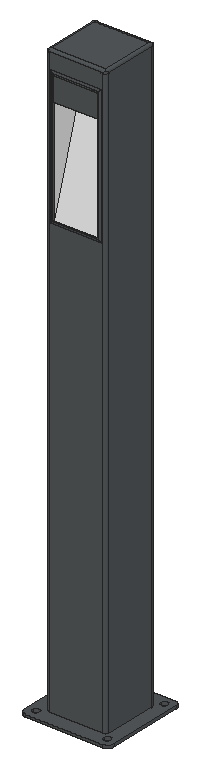
Revit family "svetilnik_alfresco_ar deko_dtu19", category Lighting Fixtures, Revit 2016 (continued)
Definition of nested family "Источник света Ар_Деко"
  Parameters (values of type "4")
             0.2       0.2\r\n       0.2       0.2       0.2       0.2       0.2       0.2       0.2       0.2\r\n       0.2       0.1       0.1       0.1       0.1       0.1       0.1       0.1\r\n       0.1       0.1       0.0       0.0       0.0\r\n       0.0       0.0       0.1       0.1       0.1       0.1       0.1       0.1\r\n       0.2       0.2       0.2       0.2       0.2       0.2       0.2       0.2\r\n       0.2       0.2       0.2       0.2       0.2       0.2       0.2       0.2\r\n       0.2       0.2       0.2       0.2       0.2       0.2       0.2       0.2\r\n       0.2       0.2       0.2       0.2       0.2       0.2       0.2       0.2\r\n       0.2       0.2       0.2       0.2       0.2       0.2       0.2       0.2\r\n       0.2       0.2       0.2       0.2       0.2       0.2       0.2       0.2\r\n       0.2       0.2       0.2       0.2       0.2       0.2       0.2       0.2\r\n       0.2       0.2       0.2       0.2       0.2       0.2       0.2       0.2\r\n       0.2       0.2       0.2       0.2       0.2       0.2       0.2       0.2\r\n       0.2       0.2       0.2       0.2       0.2       0.2       0.2       0.2\r\n       0.2       0.2       0.2       0.2       0.2       0.2       0.2       0.2\r\n       0.2       0.2       0.2       0.2       0.2       0.2       0.2       0.2\r\n       0.2       0.2       0.2       0.2       0.2       0.2       0.2       0.2\r\n       0.2       0.2       0.2       0.2       0.2       0.2       0.2       0.2\r\n       0.2       0.2       0.2       0.2       0.2       0.2       0.2       0.2\r\n       0.2       0.2       0.2       0.2       0.2       0.2       0.2       0.2\r\n       0.2       0.2       0.2       0.2       0.2       0.2       0.2       0.2\r\n       0.2       0.2       0.2       0.2       0.2       0.2       0.2       0.2\r\n       0.2       0.2       0.2       0.2       0.2       0.2       0.2       0.2\r\n       0.2       0.2       0.2       0.2       0.2       0.2       0.2       0.2\r\n       0.2       0.1       0.1       0.1       0.1       0.1       0.1       0.1\r\n       0.1       0.1       0.0       0.0       0.0\r\n       0.0       0.0       0.1       0.1       0.1       0.1       0.1       0.1\r\n       0.2       0.2       0.2       0.2       0.2       0.2       0.2       0.2\r\n       0.2       0.2       0.2       0.2       0.2       0.2       0.2       0.2\r\n       0.2       0.2       0.2       0.2       0.2       0.2       0.2       0.2\r\n       0.2       0.2       0.2       0.2       0.2       0.2       0.2       0.2\r\n       0.2       0.2       0.2       0.2       0.2       0.2       0.2       0.2\r\n       0.2       0.2       0.2       0.2       0.2       0.2       0.2       0.2\r\n       0.2       0.2       0.2       0.2       0.2       0.2       0.2       0.2\r\n       0.2       0.2       0.2       0.2       0.2       0.2       0.2       0.2\r\n       0.2       0.2       0.2       0.2       0.2       0.2       0.2       0.2\r\n       0.2       0.2       0.2       0.2       0.2       0.2       0.2       0.2\r\n       0.2       0.2       0.2       0.2       0.2       0.2       0.2       0.2\r\n       0.2       0.2       0.2       0.2       0.2       0.2       0.2       0.2\r\n       0.2       0.2       0.2       0.2       0.2       0.2       0.2       0.2\r\n       0.2       0.2       0.2       0.2       0.2       0.2       0.2       0.2\r\n       0.2       0.2       0.2       0.2       0.2       0.2       0.2       0.2\r\n       0.2       0.2       0.2       0.2       0.2       0.2       0.2       0.2\r\n       0.2       0.2       0.2       0.2       0.2       0.2       0.2       0.2\r\n       0.2       0.2       0.2       0.2       0.2       0.2       0.2       0.2\r\n       0.2       0.2       0.2       0.2       0.2       0.2       0.2       0.2\r\n       0.2       0.2       0.2       0.2       0.2       0.2       0.2       0.2\r\n       0.2       0.1       0.1       0.1       0.1       0.1       0.1       0.1\r\n       0.1       0.1       0.0       0.0       0.0\r\n       0.0       0.0       0.1       0.1       0.1       0.1       0.1       0.1\r\n       0.2       0.2       0.2       0.2       0.2       0.2       0.2       0.2\r\n       0.2       0.2       0.2       0.2       0.2       0.2       0.2       0.2\r\n       0.2       0.2       0.2       0.2       0.2       0.2       0.2       0.2\r\n       0.2       0.2       0.2       0.2       0.2       0.2       0.2       0.2\r\n       0.2       0.2       0.2       0.2       0.2       0.2       0.2       0.2\r\n       0.2       0.2       0.2       0.2       0.2       0.2       0.2       0.2\r\n       0.2       0.2       0.2       0.2       0.2       0.2       0.2       0.2\r\n       0.2       0.2       0.2       0.2       0.2       0.2       0.2       0.2\r\n       0.2       0.2       0.2       0.2       0.2       0.2       0.2       0.2\r\n       0.2       0.2       0.2       0.2       0.2       0.2       0.2       0.2\r\n       0.2       0.2       0.2       0.2       0.2       0.2       0.2       0.2\r\n       0.2       0.2       0.2       0.2       0.2       0.2       0.2       0.2\r\n       0.2       0.2       0.2       0.2       0.2       0.2       0.2       0.2\r\n       0.2       0.2       0.2       0.2       0.2       0.2       0.2       0.2\r\n       0.2       0.2       0.2       0.2       0.2       0.2       0.2       0.2\r\n       0.2       0.2       0.2       0.2       0.2       0.2       0.2       0.2\r\n       0.2       0.2       0.2       0.2       0.2       0.2       0.2       0.2\r\n       0.2       0.2       0.2       0.2       0.2       0.2       0.2       0.2\r\n       0.2       0.2       0.2       0.2       0.2       0.2       0.2       0.2\r\n       0.2       0.2       0.2       0.2       0.2       0.2       0.2       0.2\r\n       0.2       0.1       0.1       0.1       0.1       0.1       0.1       0.1\r\n       0.1       0.1       0.0       0.0       0.0\r\n       0.0       0.0       0.0       0.1       0.1       0.1       0.1       0.1\r\n       0.2       0.2       0.2       0.2       0.2       0.2       0.2       0.2\r\n       0.2       0.2       0.2       0.2       0.2       0.2       0.2       0.2\r\n       0.2       0.2       0.2       0.2       0.2       0.2       0.2       0.2\r\n       0.2       0.2       0.2       0.2       0.2       0.2       0.2       0.2\r\n       0.2       0.2       0.2       0.2       0.2       0.2       0.2       0.2\r\n       0.2       0.2       0.2       0.2       0.2       0.2       0.2       0.2\r\n       0.2       0.2       0.2       0.2       0.2       0.2       0.2       0.2\r\n       0.2       0.2       0.2       0.2       0.2       0.2       0.2       0.2\r\n       0.2       0.2       0.2       0.2       0.2       0.2       0.2       0.2\r\n       0.2       0.2       0.2       0.2       0.2       0.2       0.2       0.2\r\n       0.2       0.2       0.2       0.2       0.2       0.2       0.2       0.2\r\n       0.2       0.2       0.2       0.2       0.2       0.2       0.2       0.2\r\n       0.2       0.2       0.2       0.2       0.2       0.2       0.2       0.2\r\n       0.2       0.2       0.2       0.2       0.2       0.2       0.2       0.2\r\n       0.2       0.2       0.2       0.2       0.2       0.2       0.2       0.2\r\n       0.2       0.2       0.2       0.2       0.2       0.2       0.2       0.2\r\n       0.2       0.2       0.2       0.2       0.2       0.2       0.2       0.2\r\n       0.2       0.2       0.2       0.2       0.2       0.2       0.2       0.2\r\n       0.2       0.2       0.2       0.2       0.2       0.2       0.2       0.2\r\n       0.2       0.2       0.2       0.2       0.2       0.2       0.2       0.2\r\n       0.2       0.1       0.1       0.1       0.1       0.1       0.1       0.1\r\n       0.1       0.1       0.0       0.0       0.0\r\n       0.0       0.0       0.0       0.1       0.1       0.1       0.1       0.1\r\n       0.2       0.2       0.2       0.2       0.2       0.2       0.2       0.2\r\n       0.2       0.2       0.2       0.2       0.2       0.2       0.2       0.2\r\n       0.2       0.2       0.2       0.2       0.2       0.2       0.2       0.2\r\n       0.2       0.2       0.2       0.2       0.2       0.2       0.2       0.2\r\n       0.2       0.2       0.2       0.2       0.2       0.2       0.2       0.2\r\n       0.2       0.2       0.2       0.2       0.2       0.2       0.2       0.2\r\n       0.2       0.2       0.2       0.2       0.2       0.2       0.2       0.2\r\n       0.2       0.2       0.2       0.2       0.2       0.2       0.2       0.2\r\n       0.2       0.2       0.2       0.2       0.2       0.2       0.2       0.2\r\n       0.2       0.2       0.2       0.2       0.2       0.2       0.2       0.2\r\n       0.2       0.2       0.2       0.2       0.2       0.2       0.2       0.2\r\n       0.2       0.2       0.2       0.2       0.2       0.2       0.2       0.2\r\n       0.2       0.2       0.2       0.2       0.2       0.2       0.2       0.2\r\n       0.2       0.2       0.2       0.2       0.2       0.2       0.2       0.2\r\n       0.2       0.2       0.2       0.2       0.2       0.2       0.2       0.2\r\n       0.2       0.2       0.2       0.2       0.2       0.2       0.2       0.2\r\n       0.2       0.2       0.2       0.2       0.2       0.2       0.2       0.2\r\n       0.2       0.2       0.2       0.2       0.2       0.2       0.2       0.2\r\n       0.2       0.2       0.2       0.2       0.2       0.2       0.2       0.2\r\n       0.2       0.2       0.2       0.2       0.2       0.2       0.2       0.2\r\n       0.2       0.1       0.1       0.1       0.1       0.1       0.1       0.1\r\n       0.1       0.1       0.0       0.0       0.0\r\n       0.0       0.0       0.0       0.1       0.1       0.1       0.1       0.1\r\n       0.2       0.2       0.2       0.2       0.2       0.2       0.2       0.2\r\n       0.2       0.2       0.2       0.2       0.2       0.2       0.2       0.2\r\n       0.2       0.3       0.2       0.2       0.2       0.2       0.2       0.2\r\n       0.2       0.2       0.2       0.2       0.2       0.2       0.2       0.2\r\n       0.2       0.2       0.2       0.2       0.2       0.2       0.2       0.2\r\n       0.2       0.2       0.2       0.2       0.2       0.2       0.2       0.2\r\n       0.2       0.2       0.2       0.2       0.2       0.2       0.2       0.2\r\n       0.2       0.2       0.2       0.2       0.2       0.2       0.2       0.2\r\n       0.2       0.2       0.2       0.2       0.2       0.2       0.2       0.2\r\n       0.2       0.2       0.2       0.2       0.2       0.2       0.2       0.2\r\n       0.2       0.2       0.2       0.2       0.2       0.2       0.2       0.2\r\n       0.2       0.2       0.2       0.2       0.2       0.2       0.2       0.2\r\n       0.2       0.2       0.2       0.2       0.2       0.2       0.2       0.2\r\n       0.2       0.2       0.2       0.2       0.2       0.2       0.2       0.2\r\n       0.2       0.2       0.2       0.2       0.2       0.2       0.2       0.2\r\n       0.2       0.2       0.2       0.2       0.2       0.2       0.2       0.2\r\n       0.2       0.2       0.2       0.2       0.2       0.2       0.2       0.2\r\n       0.2       0.2       0.2       0.2       0.2       0.2       0.2       0.2\r\n       0.2       0.2       0.2       0.2       0.2       0.2       0.2       0.2\r\n       0.2       0.2       0.2       0.2       0.2       0.2       0.2       0.2\r\n       0.2       0.1       0.1       0.1       0.1       0.1       0.1       0.1\r\n       0.1       0.1       0.0       0.0       0.0\r\n       0.0       0.0       0.0       0.1       0.1       0.1       0.1       0.1\r\n       0.2       0.2       0.2       0.2       0.2       0.2       0.2       0.2\r\n       0.2       0.2       0.2       0.2       0.2       0.2       0.2       0.2\r\n       0.2       0.2       0.2       0.2       0.2       0.2       0.2       0.2\r\n       0.2       0.2       0.2       0.2       0.2       0.2       0.2       0.2\r\n       0.2       0.2       0.2       0.2       0.2       0.2       0.2       0.2\r\n       0.2       0.2       0.2       0.2       0.2       0.2       0.2       0.2\r\n       0.2       0.2       0.2       0.2       0.2       0.2       0.2       0.2\r\n       0.2       0.2       0.2       0.2       0.2       0.2       0.2       0.2\r\n       0.2       0.2       0.2       0.2       0.2       0.2       0.2       0.2\r\n       0.2       0.2       0.2       0.2       0.2       0.2       0.2       0.2\r\n       0.2       0.2       0.2       0.2       0.2       0.2       0.2       0.2\r\n       0.2       0.2       0.2       0.2       0.2       0.2       0.2       0.2\r\n       0.2       0.2       0.2       0.2       0.2       0.2       0.2       0.2\r\n       0.2       0.2       0.2       0.2       0.2       0.2       0.2       0.2\r\n       0.2       0.2       0.2       0.2       0.2       0.2       0.2       0.2\r\n       0.2       0.2       0.2       0.2       0.2       0.2       0.2       0.2\r\n       0.2       0.2       0.2       0.2       0.2       0.3       0.2       0.2\r\n       0.2       0.2       0.2       0.2       0.2       0.2       0.2       0.2\r\n       0.2       0.2       0.2       0.2       0.2       0.2       0.2       0.2\r\n       0.2       0.2       0.2       0.2       0.2       0.2       0.2       0.2\r\n       0.2       0.1       0.1       0.1       0.1       0.1       0.1       0.1\r\n       0.1       0.1       0.0       0.0       0.0\r\n       0.0       0.0       0.0       0.0       0.1       0.1       0.1       0.1\r\n       0.2       0.2       0.2       0.2       0.2       0.2       0.2       0.2\r\n       0.2       0.2       0.2       0.2       0.2       0.2       0.2       0.2\r\n       0.2       0.2       0.2       0.2       0.2       0.2       0.2       0.2\r\n       0.2       0.2       0.2       0.2       0.2       0.2       0.2       0.2\r\n       0.2       0.2       0.2       0.2       0.2       0.2       0.2       0.2\r\n       0.2       0.2       0.2       0.2       0.2       0.2       0.2       0.2\r\n       0.2       0.2       0.2       0.2       0.2       0.2       0.2       0.2\r\n       0.2       0.2       0.2       0.2       0.2       0.2       0.2       0.2\r\n       0.2       0.2       0.2       0.2       0.2       0.2       0.2       0.2\r\n       0.2       0.2       0.2       0.2       0.2       0.2       0.2       0.2\r\n       0.2       0.2       0.2       0.2       0.2       0.2       0.2       0.2\r\n       0.2       0.2       0.2       0.2       0.2       0.2       0.2       0.2\r\n       0.2       0.2       0.2       0.2       0.2       0.2       0.2       0.2\r\n       0.2       0.2       0.2       0.2       0.2       0.2       0.2       0.2\r\n       0.2       0.2       0.2       0.2       0.2       0.2       0.2       0.2\r\n       0.2       0.2       0.2       0.2       0.2       0.2       0.2       0.2\r\n       0.2       0.2       0.2       0.2       0.2       0.2       0.2       0.2\r\n       0.2       0.2       0.2       0.2       0.2       0.2       0.2       0.2\r\n       0.2       0.2       0.2       0.2       0.2       0.2       0.2       0.2\r\n       0.2       0.2       0.2       0.2       0.2       0.2       0.2       0.2\r\n       0.2       0.1       0.1       0.1       0.1       0.1       0.1       0.1\r\n       0.1       0.1       0.0       0.0       0.0\r\n       0.0       0.0       0.0       0.0       0.1       0.1       0.1       0.1\r\n       0.2       0.2       0.2       0.2       0.2       0.2       0.2       0.2\r\n       0.2       0.2       0.2       0.2       0.2       0.2       0.2       0.2\r\n       0.2       0.2       0.2       0.2       0.2       0.2       0.2       0.2\r\n       0.2       0.2       0.2       0.2       0.2       0.2       0.2       0.2\r\n       0.2       0.2       0.2       0.2       0.2       0.2       0.2       0.2\r\n       0.2       0.2       0.2       0.2       0.2       0.2       0.2       0.2\r\n       0.2       0.2       0.2       0.2       0.2       0.2       0.2       0.2\r\n       0.2       0.2       0.2       0.2       0.2       0.2       0.2       0.2\r\n       0.2       0.2       0.2       0.2       0.2       0.2       0.2       0.2\r\n       0.2       0.2       0.2       0.2       0.2       0.2       0.2       0.2\r\n       0.2  
           0.2       0.2       0.2       0.2       0.2       0.2       0.2\r\n       0.2       0.2       0.2       0.2       0.2       0.2       0.2       0.2\r\n       0.2       0.2       0.2       0.2       0.2       0.2       0.2       0.2\r\n       0.2       0.2       0.2       0.2       0.2       0.2       0.2       0.2\r\n       0.2       0.2       0.2       0.2       0.2       0.2       0.2       0.2\r\n       0.2       0.2       0.2       0.2       0.2       0.2       0.2       0.2\r\n       0.2       0.2       0.2       0.2       0.2       0.2       0.2       0.2\r\n       0.2       0.2       0.2       0.2       0.2       0.2       0.2       0.2\r\n       0.2       0.2       0.2       0.2       0.2       0.2       0.2       0.2\r\n       0.2       0.2       0.2       0.2       0.2       0.2       0.2       0.2\r\n       0.2       0.1       0.1       0.1       0.1       0.1       0.1       0.1\r\n       0.1       0.1       0.0       0.0       0.0\r\n       0.0       0.0       0.0       0.0       0.1       0.1       0.1       0.1\r\n       0.2       0.2       0.2       0.2       0.2       0.2       0.2       0.2\r\n       0.2       0.2       0.2       0.2       0.2       0.2       0.2       0.2\r\n       0.2       0.2       0.2       0.2       0.2       0.2       0.2       0.2\r\n       0.2       0.2       0.2       0.2       0.2       0.2       0.2       0.2\r\n       0.2       0.2       0.2       0.2       0.2       0.2       0.2       0.2\r\n       0.2       0.2       0.2       0.2       0.2       0.2       0.2       0.2\r\n       0.2       0.2       0.2       0.2       0.2       0.2       0.2       0.2\r\n       0.2       0.2       0.2       0.2       0.2       0.2       0.2       0.2\r\n       0.2       0.2       0.2       0.2       0.2       0.2       0.2       0.2\r\n       0.2       0.2       0.2       0.2       0.2       0.2       0.2       0.2\r\n       0.2       0.2       0.2       0.2       0.2       0.2       0.2       0.2\r\n       0.2       0.2       0.2       0.2       0.2       0.2       0.2       0.2\r\n       0.2       0.2       0.2       0.2       0.2       0.2       0.2       0.2\r\n       0.2       0.2       0.2       0.2       0.2       0.2       0.2       0.2\r\n       0.2       0.2       0.2       0.2       0.2       0.2       0.2       0.2\r\n       0.2       0.2       0.2       0.2       0.2       0.2       0.2       0.2\r\n       0.2       0.2       0.2       0.2       0.2       0.2       0.2       0.2\r\n       0.2       0.2       0.2       0.2       0.2       0.2       0.2       0.2\r\n       0.2       0.2       0.2       0.2       0.2       0.2       0.2       0.2\r\n       0.2       0.2       0.2       0.2       0.2       0.2       0.2       0.2\r\n       0.2       0.1       0.1       0.1       0.1       0.1       0.1       0.1\r\n       0.1       0.1       0.0       0.0       0.0\r\n       0.0       0.0       0.0       0.0       0.0       0.1       0.1       0.1\r\n       0.2       0.2       0.2       0.2       0.2       0.2       0.2       0.2\r\n       0.2       0.2       0.2       0.2       0.2       0.2       0.2       0.2\r\n       0.2       0.2       0.2       0.2       0.2       0.2       0.2       0.2\r\n       0.2       0.2       0.2       0.2       0.2       0.2       0.2       0.2\r\n       0.2       0.2       0.2       0.2       0.2       0.2       0.2       0.2\r\n       0.2       0.2       0.2       0.2       0.2       0.2       0.2       0.2\r\n       0.2       0.2       0.2       0.2       0.2       0.2       0.2       0.2\r\n       0.2       0.2       0.2       0.2       0.2       0.2       0.2       0.2\r\n       0.2       0.2       0.2       0.2       0.2       0.2       0.2       0.2\r\n       0.2       0.2       0.2       0.2       0.2       0.2       0.2       0.2\r\n       0.2       0.2       0.2       0.2       0.2       0.2       0.2       0.2\r\n       0.2       0.2       0.2       0.2       0.2       0.2       0.2       0.2\r\n       0.2       0.2       0.2       0.2       0.2       0.2       0.2       0.2\r\n       0.2       0.2       0.2       0.2       0.2       0.2       0.2       0.2\r\n       0.2       0.2       0.2       0.2       0.2       0.2       0.2       0.2\r\n       0.2       0.2       0.2       0.2       0.2       0.2       0.2       0.2\r\n       0.2       0.2       0.2       0.2       0.2       0.2       0.2       0.2\r\n       0.2       0.2       0.2       0.2       0.2       0.2       0.2       0.2\r\n       0.2       0.2       0.2       0.2       0.2       0.2       0.2       0.2\r\n       0.2       0.2       0.2       0.2       0.2       0.2       0.2       0.2\r\n       0.2       0.1       0.1       0.1       0.1       0.1       0.1       0.1\r\n       0.1       0.1       0.0       0.0       0.0\r\n       0.0       0.0       0.0       0.0       0.0       0.1       0.1       0.1\r\n       0.2       0.2       0.2       0.2       0.2       0.2       0.2       0.2\r\n       0.2       0.2       0.2       0.2       0.2       0.2       0.2       0.2\r\n       0.2       0.2       0.2       0.2       0.2       0.2       0.2       0.2\r\n       0.2       0.2       0.2       0.2       0.2       0.2       0.2       0.2\r\n       0.2       0.2       0.2       0.2       0.2       0.2       0.2       0.2\r\n       0.2       0.2       0.2       0.2       0.2       0.2       0.2       0.2\r\n       0.2       0.2       0.2       0.2       0.2       0.2       0.2       0.2\r\n       0.2       0.2       0.2       0.2       0.2       0.2       0.2       0.2\r\n       0.2       0.2       0.2       0.2       0.2       0.2       0.2       0.2\r\n       0.2       0.2       0.2       0.2       0.2       0.2       0.2       0.2\r\n       0.2       0.2       0.2       0.2       0.2       0.2       0.2       0.2\r\n       0.2       0.2       0.2       0.2       0.2       0.2       0.2       0.2\r\n       0.2       0.2       0.2       0.2       0.2       0.2       0.2       0.2\r\n       0.2       0.2       0.2       0.2       0.2       0.2       0.2       0.2\r\n       0.2       0.2       0.2       0.2       0.2       0.2       0.2       0.2\r\n       0.2       0.2       0.2       0.2       0.2       0.2       0.2       0.2\r\n       0.2       0.2       0.2       0.2       0.2       0.2       0.2       0.2\r\n       0.2       0.2       0.2       0.2       0.2       0.2       0.2       0.2\r\n       0.2       0.2       0.2       0.2       0.2       0.2       0.2       0.2\r\n       0.2       0.2       0.2       0.2       0.2       0.2       0.2       0.2\r\n       0.2       0.1       0.1       0.1       0.1       0.1       0.1       0.1\r\n       0.1       0.1       0.0       0.0       0.0\r\n       0.0       0.0       0.0       0.0       0.0       0.1       0.1       0.1\r\n       0.2       0.2       0.2       0.2       0.2       0.2       0.2       0.2\r\n       0.2       0.2       0.2       0.2       0.2       0.2       0.2       0.2\r\n       0.2       0.2       0.2       0.2       0.2       0.2       0.2       0.2\r\n       0.2       0.2       0.2       0.2       0.2       0.2       0.2       0.2\r\n       0.2       0.2       0.2       0.2       0.2       0.2       0.2       0.2\r\n       0.2       0.2       0.2       0.3       0.2       0.2       0.2       0.2\r\n       0.2       0.2       0.2       0.2       0.2       0.2       0.2       0.2\r\n       0.2       0.2       0.2       0.2       0.2       0.2       0.2       0.2\r\n       0.2       0.2       0.2       0.2       0.2       0.2       0.2       0.2\r\n       0.2       0.2       0.2       0.2       0.2       0.2       0.2       0.2\r\n       0.2       0.2       0.2       0.2       0.2       0.2       0.2       0.2\r\n       0.2       0.2       0.2       0.2       0.2       0.2       0.2       0.2\r\n       0.2       0.2       0.2       0.2       0.2       0.2       0.2       0.2\r\n       0.2       0.2       0.2       0.2       0.2       0.2       0.2       0.2\r\n       0.2       0.2       0.2       0.2       0.2       0.2       0.2       0.2\r\n       0.2       0.2       0.2       0.2       0.2       0.2       0.2       0.2\r\n       0.2       0.2       0.2       0.2       0.2       0.2       0.2       0.2\r\n       0.2       0.2       0.2       0.2       0.2       0.2       0.2       0.2\r\n       0.2       0.2       0.2       0.2       0.2       0.2       0.2       0.2\r\n       0.2       0.2       0.2       0.2       0.2       0.2       0.2       0.2\r\n       0.2       0.2       0.1       0.1       0.1       0.1       0.1       0.1\r\n       0.1       0.1       0.0       0.0       0.0\r\n       0.0       0.0       0.0       0.0       0.0       0.1       0.1       0.1\r\n       0.2       0.2       0.2       0.2       0.2       0.2       0.2       0.2\r\n       0.2       0.2       0.2       0.2       0.2       0.2       0.2       0.2\r\n       0.2       0.2       0.2       0.2       0.2       0.2       0.2       0.2\r\n       0.2       0.2       0.2       0.2       0.2       0.2       0.2       0.2\r\n       0.2       0.2       0.2       0.2       0.2       0.2       0.2       0.2\r\n       0.2       0.2       0.2       0.2       0.2       0.2       0.2       0.2\r\n       0.2       0.2       0.2       0.2       0.2       0.2       0.2       0.2\r\n       0.2       0.2       0.2       0.2       0.2       0.2       0.2       0.2\r\n       0.2       0.2       0.2       0.2       0.2       0.2       0.2       0.2\r\n       0.2       0.2       0.2       0.2       0.2       0.2       0.2       0.2\r\n       0.2       0.2       0.2       0.2       0.2       0.2       0.2       0.2\r\n       0.2       0.2       0.2       0.2       0.2       0.2       0.2       0.2\r\n       0.2       0.2       0.2       0.2       0.2       0.2       0.2       0.2\r\n       0.2       0.2       0.2       0.2       0.2       0.2       0.2       0.2\r\n       0.2       0.2       0.2       0.2       0.2       0.2       0.2       0.2\r\n       0.2       0.2       0.2       0.2       0.2       0.2       0.2       0.2\r\n       0.2       0.2       0.2       0.2       0.2       0.2       0.2       0.2\r\n       0.2       0.2       0.2       0.2       0.2       0.2       0.2       0.2\r\n       0.2       0.2       0.2       0.2       0.2       0.2       0.2       0.2\r\n       0.2       0.2       0.2       0.2       0.2       0.2       0.2       0.2\r\n       0.2       0.2       0.1       0.1       0.1       0.1       0.1       0.1\r\n       0.1       0.0       0.0       0.0       0.0\r\n       0.0       0.0       0.0       0.0       0.0       0.1       0.1       0.1\r\n       0.2       0.2       0.2       0.2       0.2       0.2       0.2       0.2\r\n       0.2       0.2       0.2       0.2       0.2       0.2       0.2       0.2\r\n       0.2       0.2       0.2       0.2       0.2       0.2       0.2       0.2\r\n       0.2       0.2       0.2       0.2       0.2       0.2       0.2       0.2\r\n       0.2       0.2       0.2       0.2       0.2       0.2       0.2       0.2\r\n       0.2       0.2       0.2       0.2       0.2       0.2       0.2       0.2\r\n       0.2       0.2       0.2       0.2       0.2       0.2       0.2       0.2\r\n       0.2       0.2       0.2       0.2       0.2       0.2       0.2       0.2\r\n       0.2       0.2       0.2       0.2       0.2       0.2       0.2       0.2\r\n       0.2       0.2       0.2       0.2       0.2       0.2       0.2       0.2\r\n       0.2       0.2       0.2       0.2       0.2       0.2       0.2       0.2\r\n       0.2       0.2       0.2       0.2       0.2       0.2       0.2       0.2\r\n       0.2       0.2       0.2       0.2       0.2       0.2       0.2       0.2\r\n       0.2       0.2       0.2       0.2       0.2       0.2       0.2       0.2\r\n       0.2       0.2       0.2       0.2       0.2       0.2       0.2       0.2\r\n       0.2       0.2       0.2       0.2       0.2       0.2       0.2       0.2\r\n       0.2       0.2       0.2       0.2       0.2       0.2       0.2       0.2\r\n       0.2       0.2       0.2       0.2       0.2       0.2       0.2       0.2\r\n       0.2       0.2       0.2       0.2       0.2       0.2       0.2       0.2\r\n       0.2       0.2       0.2       0.2       0.2       0.2       0.2       0.2\r\n       0.2       0.2       0.1       0.1       0.1       0.1       0.1       0.1\r\n       0.1       0.0       0.0       0.0       0.0\r\n       0.0       0.0       0.0       0.0       0.0       0.0       0.1       0.1\r\n       0.2       0.2       0.2       0.2       0.2       0.2       0.2       0.2\r\n       0.2       0.2       0.2       0.2       0.2       0.2       0.2       0.2\r\n       0.2       0.2       0.2       0.2       0.2       0.2       0.2       0.2\r\n       0.2       0.2       0.2       0.2       0.2       0.2       0.2       0.2\r\n       0.2       0.2       0.2       0.2       0.2       0.2       0.2       0.3\r\n       0.2       0.2       0.2       0.2       0.2       0.2       0.2       0.2\r\n       0.2       0.2       0.2       0.2       0.2       0.2       0.2       0.2\r\n       0.2       0.2       0.2       0.2       0.2       0.2       0.2       0.2\r\n       0.2       0.2       0.2       0.2       0.2       0.2       0.2       0.2\r\n       0.2       0.2       0.2       0.2       0.2       0.2       0.2       0.2\r\n       0.2       0.2       0.2       0.2       0.2       0.2       0.2       0.2\r\n       0.2       0.2       0.2       0.2       0.2       0.2       0.2       0.2\r\n       0.2       0.2       0.2       0.2       0.2       0.2       0.2       0.2\r\n       0.2       0.2       0.2       0.2       0.2       0.2       0.2       0.2\r\n       0.2       0.2       0.2       0.2       0.2       0.2       0.2       0.2\r\n       0.2       0.2       0.2       0.2       0.2       0.2       0.2       0.2\r\n       0.2       0.2       0.2       0.2       0.2       0.2       0.2       0.2\r\n       0.2       0.2       0.2       0.2       0.2       0.2       0.2       0.2\r\n       0.2       0.2       0.2       0.2       0.2       0.2       0.2       0.2\r\n       0.2       0.2       0.2       0.2       0.2       0.2       0.2       0.2\r\n       0.2       0.2       0.1       0.1       0.1       0.1       0.1       0.1\r\n       0.1       0.0       0.0       0.0       0.0\r\n       0.0       0.0       0.0       0.0       0.0       0.0       0.1       0.1\r\n       0.2       0.2       0.2       0.2       0.2       0.2       0.2       0.2\r\n       0.2       0.2       0.2       0.2       0.2       0.2       0.2       0.2\r\n       0.2       0.2       0.2       0.2       0.2       0.2       0.2       0.2\r\n       0.2       0.2       0.2       0.2       0.2       0.2       0.2       0.2\r\n       0.2       0.2       0.2       0.2       0.2       0.2       0.2       0.4\r\n       0.3       0.2       0.2       0.2       0.2       0.2       0.2       0.2\r\n       0.2       0.2       0.2       0.2       0.2       0.2       0.2       0.2\r\n       0.2       0.2       0.2       0.2       0.2       0.2       0.2       0.2\r\n       0.2       0.2       0.2       0.2       0.2       0.2       0.2       0.2\r\n       0.2       0.2       0.2       0.2       0.2       0.2       0.2       0.2\r\n       0.2       0.2       0.2       0.2       0.2       0.2       0.2       0.2\r\n       0.2       0.2       0.2       0.2       0.2       0.2       0.2       0.2\r\n       0.2       0.2       0.2       0.2       0.2       0.2       0.2       0.2\r\n       0.2       0.2       0.2       0.2       0.2       0.2       0.2       0.2\r\n       0.2       0.2       0.2       0.2       0.2       0.2       0.2       0.2\r\n       0.2       0.2       0.2       0.2       0.2       0.2       0.2       0.2\r\n       0.2       0.2       0.2       0.2       0.2       0.2       0.2       0.2\r\n       0.2       0.2       0.2       0.2       0.2       0.2       0.2       0.2\r\n       0.2       0.2       0.2       0.2       0.2       0.2       0.2       0.2\r\n       0.2       0.2       0.2       0.2       0.2       0.2       0.2       0.2\r\n       0.2       0.2       0.1       0.1       0.1       0.1       0.1       0.1\r\n       0.0       0.0       0.0       0.0       0.0\r\n       0.0       0.0       0.0       0.0       0.0       0.0       0.0       0.1\r\n       0.2       0.2       0.2       0.2       0.2       0.2       0.2       0.2\r\n       0.2       0.2       0.2       0.2      
